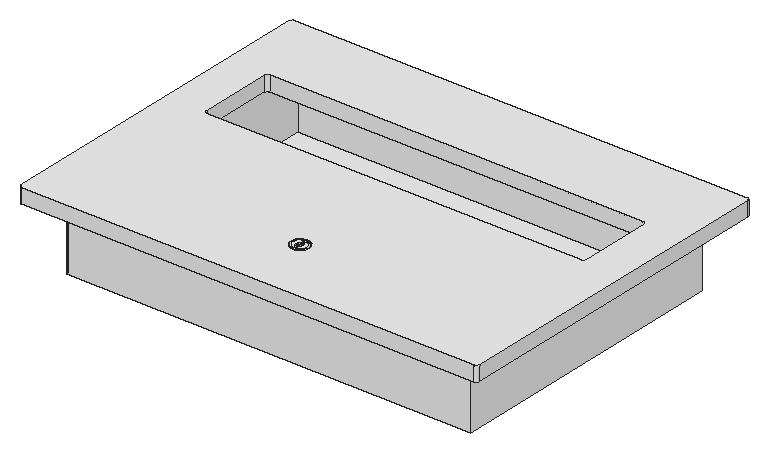
Revit family "Seat_Cover_Dispenser-Recessed-Bobrick-TrimLineSeries-B-3013", category Specialty Equipment, host Face, Revit 2019
Family settings
  Host = Face
  Round Connector Dimension = Use Diameter
  Part Type = Normal
  OmniClass Number = 23.40.20.21
  OmniClass Title = Toilet and Bath Specialties
  Cut with Voids When Loaded = No
  Shared = Yes
  Room Calculation Point = No
Parameters (values of type "B-3013")
  Width = 17 9/16"
  Warranty Information = "1 Year Limited Warranty"
  URL = "http://www.bobrick.com/"
  Type Comments = ""
  Specification = "Recessed toilet-seat-cover dispenser shall be type-304 stainless steel with all-welded construction; exposed surfaces shall have satin finish. Door shall be 18 gauge (1.2mm); have 9/16\" (14mm) 90° return edges; be secured to cabinet with a concealed, fulllength stainless steel piano-hinge; and equipped with a tumbler lock keyed like other Bobrick washroom accessories. Dispenser shall have a minimum capacity of 500 paper toilet seat covers. Manufacturer’s service and parts manual shall be provided to the building owner/manager upon request. Recessed Toilet-Seat-Cover Dispenser shall be Model B-3013 of Bobrick Washroom Equipment, Inc., Clifton Park, New York; Jackson, Tennessee; Los Angeles, California; Bobrick Washroom Equipment Company, Scarborough, Ontario; Bobrick Washroom Equipment Pty. Ltd., Australia; and Bobrick Washroom Equipment Limited, United Kingdom."
  Revised Date = "11/03/2020"  # constant formula
  Product Page URL = "https://www.bobrick.com/products/washroom-accessories/washroom-accessories-catalog/product/b-3013/"
  Product Documentation Link = "https://www.bobrick.com/wp-content/uploads/B-3013_td.pdf"
  Price = "Prices may vary. Please consult Manufacturer Representative for most up-to-date price list."  # constant formula
  Model = "B-3013"
  Material = "Stainless Steel-Bobrick-Type 304-Satin"
  Finish = Stainless Steel-Bobrick-Type 304-Satin
  Manufacturer = "Bobrick"
  Length = 9/16"
  Installation Type = "Recessed in Wall"
  Height = 13 1/16"
  Description = "TrimLineSeries Recessed Seat-Cover Dispenser"
  Default Elevation = 42 15/32"  # constant formula
  Creation Date = "12/30/2014"  # constant formula
  Assembly Code = "C1030200"
Reference planes (in)
  plane 1 "Center (Front/Back)": y = 0
  plane 2: z = 0
  plane 3 "Center (Left/Right)": x = 0
  plane 4: x = 8.78125
  plane 5: x = -8.78125
  plane 6: y = 6.53125
  plane 7: y = -6.53125
  plane 8: z = 0.5625
  plane 9: x = 7.75
  plane 10: x = -7.75
  plane 11: y = 5.53125
  plane 12: y = -5.53125
  plane 13: z = -2.5
  plane 14: y = 5.53125
  plane 15: y = -42.46875
Forms (in)
  Extrusion 1, solid, material "Stainless Steel-Bobrick-Type 304-Satin" <- "Finish"
    sketch origin (0, 0, 0) x (1, 0, 0) y (0, 1, 0)
      loop
        arc (-8.65625, 6.53125) -> (-8.74464, 6.49464) -> (-8.78125, 6.40625) r 0.125
        line (-8.78125, 6.40625) -> (-8.78125, -6.40625)
        arc (-8.78125, -6.40625) -> (-8.74464, -6.49464) -> (-8.65625, -6.53125) r 0.125
        line (-8.65625, -6.53125) -> (8.65625, -6.53125)
        arc (8.65625, -6.53125) -> (8.74464, -6.49464) -> (8.78125, -6.40625) r 0.125
        line (8.78125, -6.40625) -> (8.78125, 6.40625)
        arc (8.78125, 6.40625) -> (8.74464, 6.49464) -> (8.65625, 6.53125) r 0.125
        line (8.65625, 6.53125) -> (-8.65625, 6.53125)
      loop
        arc (7.15625, 0.46875) -> (7.24464, 0.50536) -> (7.28125, 0.59375) r 0.125
        line (7.28125, 0.59375) -> (7.28125, 3.34375)
        arc (7.28125, 3.34375) -> (7.24464, 3.43214) -> (7.15625, 3.46875) r 0.125
        line (7.15625, 3.46875) -> (-7.15625, 3.46875)
        arc (-7.15625, 3.46875) -> (-7.24464, 3.43214) -> (-7.28125, 3.34375) r 0.125
        line (-7.28125, 3.34375) -> (-7.28125, 0.59375)
        arc (-7.28125, 0.59375) -> (-7.24464, 0.50536) -> (-7.15625, 0.46875) r 0.125
        line (-7.15625, 0.46875) -> (7.15625, 0.46875)
    from 0 to 0.5625
  Extrusion 2, solid, material "Stainless Steel-Bobrick-Type 304-Satin" <- "Finish"
    sketch origin (0, 0, 0) x (1, 0, 0) y (0, 1, 0)
      loop
        line (-7.75, 5.53125) -> (-7.75, -5.53125) -> (7.75, -5.53125) -> (7.75, 5.53125) -> (-7.75, 5.53125)
      loop
        line (7.71094, 5.49219) -> (-7.71094, 5.49219) -> (-7.71094, -5.49219) -> (7.71094, -5.49219) -> (7.71094, 5.49219)
    from -2.5 to 0
  Extrusion 3, solid, material "Stainless Steel-Bobrick-Type 304-Satin" <- "Finish"
    sketch origin (0, 0, 0) x (1, 0, 0) y (0, 1, 0)
      loop
        line (-7.75, 5.53125) -> (-7.75, -5.53125) -> (7.75, -5.53125) -> (7.75, 5.53125) -> (-7.75, 5.53125)
    from -2.5 to -2.46
  Extrusion 4, void
    sketch origin (0, 0, 0) x (1, 0, 0) y (0, 1, 0)
      loop
        line (-8.21875, 5.90625) -> (-8.21875, -5.96875) -> (8.21875, -5.96875) -> (8.21875, 5.90625) -> (-8.21875, 5.90625)
    from -2.5 to 0
  Extrusion 5, void
    sketch origin (-4.73988, 12.16205, 0) x (-1, 0, 0) y (0, -1, 0)
      loop
        line (-4.78434, 15.987) -> (-4.70234, 15.987) -> (-4.70234, 16.10642)
        arc (-4.70234, 16.10642) -> (-4.61659, 16.22543) -> (-4.70234, 16.34445) r 0.12547
        line (-4.70234, 16.34445) -> (-4.70234, 16.377) -> (-4.78434, 16.377) -> (-4.78434, 16.34356)
        arc (-4.78434, 16.34356) -> (-4.86753, 16.22543) -> (-4.78434, 16.1073) r 0.12547
        line (-4.78434, 16.1073) -> (-4.78434, 15.987)
      loop
        line (-4.72772, 16.01825) -> (-4.72772, 16.34575) -> (-4.75897, 16.34575) -> (-4.75897, 16.01825) -> (-4.72772, 16.01825)
    from 0.53249 to 0.58531
  Revolve 6, solid, material "Stainless Steel-Bobrick-Type 304-Satin"
    sketch origin (-0.00541, -5.35012, -3.67492) x (0, -1, 0) y (0, 0, 1)
      loop
        line (-1.31454, 3.98742) -> (-0.97157, 3.98742) -> (-0.97157, 4.23742) -> (-1.00305, 4.20594)
        arc (-1.00305, 4.20594) -> (-1.01228, 4.2282) -> (-1.03454, 4.23742) r 0.03148
        line (-1.03454, 4.23742) -> (-1.31454, 4.23742) -> (-1.31454, 3.98742)
      axis (-1.31454, 3.98742) -> (-1.31454, 4.23742)
    angle from 0 to 360
Cuts and joins
  Extrusion 5 cuts Extrusion 1
  joined: Extrusion 1, Extrusion 2, Extrusion 3
  Extrusion 4, Extrusion 5 cuts Revolve 6
Lines and regions (in)
  Masking region 1
    outline origin (0, 0, 0) x (1, 0, 0) y (0, 0, 1)
      loop
        line (8.78125, 0.5625) -> (0.4375, 0.5625) -> (-8.78125, 0.5625) -> (-8.78125, 0) -> (-7.75, 0) -> (-7.75, -2.5) -> (7.75, -2.5) -> (7.75, 0) -> (8.78125, 0) -> (8.78125, 0.5625)
  symbolic lines, style "SpecialityEquipment", detail levels medium+fine
    curve 1: line (0.4375, 0, 0.5625) -> (-0.4375, 0, 0.5625)
    curve 2: line (7.75, 0, 0) -> (-7.75, 0, 0)
Dimensions and locks (in)
  "Width": plane 5 to plane 4
  "Height": plane 6 to plane 7
  "Length": plane 8 to host face
  plane 10 to plane 9 = 15 1/2"
  plane 12 to plane 11 = 11 1/16"
  plane 1 "Center (Front/Back)" to plane 14 = 5 17/32"
  aligned and locked: plane 2 to host face
  aligned and locked: level to host face
  aligned and locked: plane 8 to Extrusion 1
  aligned and locked: Extrusion 1 to level
  aligned and locked: plane 13 to Extrusion 2
  aligned and locked: level to Extrusion 2
  aligned and locked: plane 13 to Extrusion 3
  aligned and locked: Masking region 1 sketch curve to cut or joined group of Extrusion 1, Extrusion 2, Extrusion 3, Extrusion 5  (x4)
  aligned and locked: Masking region 1 sketch curve to plane 8
  aligned and locked: curve 1 to plane 8
Automatic sketch dimensions
  host sketch curve to host sketch curve = 96"  (x2)
  Extrusion 1 sketch curve to plane 5 = 0"
  plane 7 to Extrusion 1 sketch curve = 0"
  Extrusion 1 sketch curve to plane 6 = 0"
  Extrusion 1 sketch curve to plane 4 = 0"
  Extrusion 1 sketch curve to plane 5 = 1/8"  (x2)
  Extrusion 1 sketch curve to plane 1 "Center (Front/Back)" = 19/32"
  Extrusion 1 sketch curve to plane 5 = 1 1/2"
  Extrusion 1 sketch curve to Extrusion 1 sketch curve = 1/8"  (x3)
  Extrusion 1 sketch curve to plane 4 = 1 5/8"  (x2)
  Extrusion 1 sketch curve to plane 4 = 1/8"  (x2)
  Extrusion 1 sketch curve to Extrusion 1 sketch curve = 2 3/4"
  Extrusion 2 sketch curve to plane 10 = 0"
  plane 12 to Extrusion 2 sketch curve = 5/128"
  Extrusion 2 sketch curve to plane 9 = 0"
  plane 11 to Extrusion 2 sketch curve = 0"
  Extrusion 2 sketch curve to plane 10 = 5/128"
  plane 11 to Extrusion 2 sketch curve = 5/128"
  Extrusion 2 sketch curve to plane 12 = 0"
  Extrusion 2 sketch curve to plane 9 = 5/128"
  Extrusion 3 sketch curve to plane 5 = 1 1/32"
  Extrusion 3 sketch curve to plane 4 = 1 1/32"
  Extrusion 3 sketch curve to plane 7 = 1"
  Extrusion 3 sketch curve to plane 6 = 1"
  Extrusion 4 sketch curve to plane 5 = 9/16"
  Extrusion 4 sketch curve to plane 4 = 9/16"
  Extrusion 4 sketch curve to plane 7 = 9/16"
  Extrusion 4 sketch curve to plane 6 = 5/8"
  curve 2 to level = 0"
  curve 2 to plane 5 = 1 1/32"
  curve 2 to plane 4 = 1 1/32"
  Extrusion 5 sketch curve to Extrusion 5 sketch curve = 0"  (x2)
  plane 3 "Center (Left/Right)" to Extrusion 5 sketch curve = 0.04447"  (x2)
  plane 3 "Center (Left/Right)" to Extrusion 5 sketch curve = 0.01909"
  plane 3 "Center (Left/Right)" to Extrusion 5 sketch curve = 0.00218"
  Extrusion 5 sketch curve to plane 3 "Center (Left/Right)" = 0.01216"
  Extrusion 5 sketch curve to plane 3 "Center (Left/Right)" = 0.03753"  (x2)
  Extrusion 5 sketch curve to plane 7 = 2.7063"
  Extrusion 5 sketch curve to Extrusion 5 sketch curve = 1/32"
  Extrusion 5 sketch curve to Extrusion 5 sketch curve = 0.08817"
  Extrusion 5 sketch curve to Extrusion 5 sketch curve = 0.00089"
  Extrusion 5 sketch curve to Extrusion 5 sketch curve = 0.11902"
  Extrusion 5 sketch curve to Extrusion 5 sketch curve = 0.0013"
  Extrusion 5 sketch curve to Extrusion 5 sketch curve = 0.03255"
  Revolve 6 sketch curve to plane 8 = 0"  (x3)
  Revolve 6 sketch curve to plane 8 = 1/4"
  Revolve 6 sketch curve to plane 7 = 2.49567"
  Revolve 6 sketch curve to plane 8 = 0.03148"
  Revolve 6 sketch curve to Revolve 6 sketch curve = 0.28"
  Revolve 6 sketch curve to Revolve 6 sketch curve = 0.03148"
  Revolve 6 sketch curve to Revolve 6 sketch curve = 0"
  Revolve 6 sketch curve to Revolve 6 sketch curve = 0.11448"
  Masking region 1 sketch curve to plane 13 = 0"
  Masking region 1 sketch curve to level = 0"
  Masking region 1 sketch curve to Masking region 1 sketch curve = 1 1/32"
  Masking region 1 sketch curve to plane 4 = 1 1/32"
  plane 3 "Center (Left/Right)" to Masking region 1 sketch curve = 7/16"
  curve 1 to plane 3 "Center (Left/Right)" = 7/16"
  plane 3 "Center (Left/Right)" to curve 1 = 7/16"
